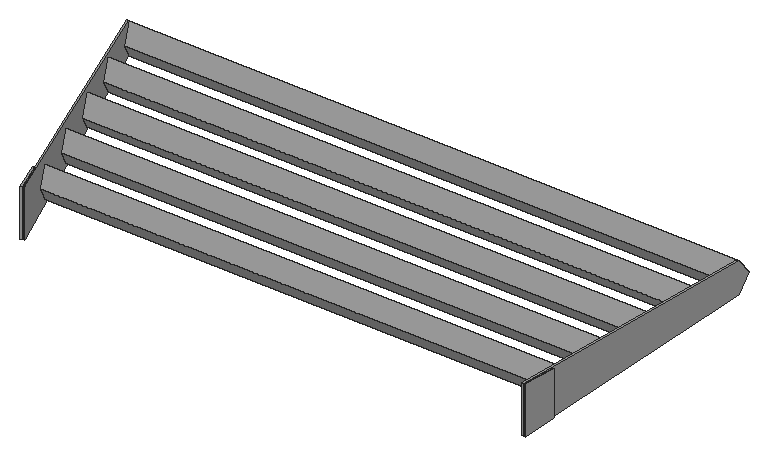
Revit family "SE-0002-DIA-3-0", category Curtain Panels, Revit 2015
Parameters (values of type "Right 112.5 - Left 90")
  Width [instance] = 5' - 4 1/2"
  Warning 2' = Label : Label
  URL = "obe.com"
  Sun-Control Material = Aluminum
  Model = "SE-001"
  Manufacturer = "Oldcastle BuildingEnvelope®"
  Keynote = "08 11 00"
  Description = "SE-001-SolarEclipse-Rectangle"
  Assembly Code = "B2020"
  Angle = SE-0002-DIA-3-0 : Right 112.5 - Left 90
  Analytic Construction = "<None>"
Types (25): name | Angle
  Right 90 - Left 112.5 | SE-0002-DIA-3-0 : Right 90 - Left 112.5
  Right 90 - Left 135 | SE-0002-DIA-3-0 : Right 90 - Left 135
  Right 112.5 - Left 90 | SE-0002-DIA-3-0 : Right 112.5 - Left 90
  Right 112.5 - Left 112.5 | SE-0002-DIA-3-0 : Right 112.5 - Left 112.5
  Right 112.5 - Left 135 | SE-0002-DIA-3-0 : Right 112.5 - Left 135
  Right 135 - Left 90 | SE-0002-DIA-3-0 : Right 135 - Left 90
  Right 135 - Left 112.5 | SE-0002-DIA-3-0 : Right 135 - Left 112.5
  Right 135 - Left 135 | SE-0002-DIA-3-0 : Right 135 - Left 135
  Right 45 - Left 45 | SE-0002-DIA-3-0 : Right 45 - Left 45
  Right 45 - Left 67.5 | SE-0002-DIA-3-0 : Right 45 - Left 67.5
  Right 45 - Left 90 | SE-0002-DIA-3-0 : Right 45 - Left 90
  Right 67.5 - Left 45 | SE-0002-DIA-3-0 : Right 67.5 - Left 45
  Right 67.5 - Left 67.5 | SE-0002-DIA-3-0 : Right 67.5 - Left 67.5
  Right 67.5 - Left 90 | SE-0002-DIA-3-0 : Right 67.5 - Left 90
  Right 90 - Left 45 | SE-0002-DIA-3-0 : Right 90 - Left 45
  Right 90 - Left 67.5 | SE-0002-DIA-3-0 : Right 90 - Left 67.5
  Right 45 - Left 112.5 | SE-0002-DIA-3-0 : Right 45 - Left 112.5
  Right 45 - Left 135 | SE-0002-DIA-3-0 : Right 45 - Left 135
  Right 67.5 - Left 112.5 | SE-0002-DIA-3-0 : Right 67.5 - Left 112.5
  Right 67.5 - Left 135 | SE-0002-DIA-3-0 : Right 67.5 - Left 135
  Right 112.5 - Left 45 | SE-0002-DIA-3-0 : Right 112.5 - Left 45
  Right 112.5 - Left 67.5 | SE-0002-DIA-3-0 : Right 112.5 - Left 67.5
  Right 135 - Left 45 | SE-0002-DIA-3-0 : Right 135 - Left 45
  Right 135 - Left 67.5 | SE-0002-DIA-3-0 : Right 135 - Left 67.5
  Right 90 - Left 90 | SE-0002-DIA-3-0 : Right 90 - Left 90
Reference planes (in)
  plane 1 "Front": y = 0
  plane 2: z = 0
  plane 3 "Center (Left/Right)": x = 0
  plane 4 "Left": x = -32.25
  plane 5 "Right": x = 32.25
  plane 6 "Top": z = 96
Text (in)
  text "Exterior" at (-54.29358, 31.38743, 0), in view "Ref. Level"
  text "Exterior" at (480, 41.53993, 89.60405), in view "Right"
  text "Exterior" at (-240, 57.82419, 105.78864), in view "Left"
Dimensions and locks (in)
  equal spacing: plane 4 "Left", plane 3 "Center (Left/Right)", plane 5 "Right"
  "Width": plane 4 "Left" to plane 5 "Right"
  aligned and locked: level to plane 2
  aligned and locked: plane 1 "Front" to nested 1
  aligned and locked: nested 1 to plane 3 "Center (Left/Right)"
  aligned and locked: nested 1 to plane 6 "Top"
Nested families (in)
  nested 1: "SE-0002-DIA-3-0" at (22, 0, 93), Width <- "Width", type <- "Angle", Sun-Control Material <- "Sun-Control Material", type "Right 112.5 - Left 90"
    with Width 5' - 4 1/2", Sun-Control Material Aluminum, Minimum Width 5' - 4 1/2"
Definition of nested family "SE-0002-DIA-3-0"
  Parameters (values of type "Right 112.5 - Left 112.5")
    Left Short Depth = Left Depth - 0' 2 31/32"  # 2' - 11 27/32"
    Left Angle = 112.50°
    Minimum Width [instance] = if(and(Left Angle = 45.00°, Right Angle = 90.00°, Width < 3' 2"), 3' 2", if(and(Left Angle = 90.00°, Right Angle = 45.00°, Width < 3' 2"), 3' 2", if(and(Left Angle = 45.00°, Right Angle = 112.50°, Width < 1' 11"), 1' 11", if(and(Left Angle = 112.50°, Right Angle = 45.00°, Width < 1' 11"), 1' 11", if(and(Left Angle = 45.00°, Right Angle = 45.00°, Width < 6' 2"), 6' 2", if(and(Left Angle = 90.00°, Right Angle = 67.50°, Width < 1' 5"), 1' 5", if(and(Left Angle = 67.50°, Right Angle = 90.00°, Width < 1' 5"), 1' 5", if(and(Left Angle = 67.50°, Right Angle = 67.50°, Width < 2' 8"), 2' 8", if(and(Left Angle = 45.00°, Right Angle = 67.50°, Width < 4' 5"), 4' 5", if(and(Left Angle = 67.50°, Right Angle = 45.00°, Width < 4' 5"), 4' 5", Width))))))))))  # 4' - 0"
    Width [instance] = 4' - 0"
    Sun-Control Material [instance] = none
    Right Short Depth = Right Depth - 0' 2 31/32"  # 2' - 11 27/32"
    Right Depth = 3' - 2 13/16"
    Left Depth = 3' - 2 13/16"
    Right Angle = 112.50°
    Default Elevation = 4' - 0"
  Types (26): name | Left Short Depth | Left Angle | Minimum Width | Width | Right Short Depth | Right Depth | Left Depth | Right Angle
    (no name) | 2' - 11 27/32" | 112.50° | 4' - 0" | 4' - 0" | 2' - 11 27/32" | 3' - 2 13/16" | 3' - 2 13/16" | 112.50°
    Right 45 - Left 45 | 4' - 0 17/256" | 45.00° | 8' - 0" | 8' - 0" | 4' - 0 17/256" | 4' - 3 9/256" | 4' - 3 9/256" | 45.00°
    Right 45 - Left 67.5 | 3' - 0 13/256" | 67.50° | 8' - 0" | 8' - 0" | 4' - 0 17/256" | 4' - 3 9/256" | 3' - 3 5/256" | 45.00°
    Right 45 - Left 90 | 2' - 9 1/32" | 90.00° | 8' - 0" | 8' - 0" | 4' - 0 17/256" | 4' - 3 9/256" | 3' - 0" | 45.00°
    Right 45 - Left 112.5 | 2' - 11 27/32" | 112.50° | 1' - 11" | 1' - 0" | 4' - 0 17/256" | 4' - 3 9/256" | 3' - 2 13/16" | 45.00°
    Right 45 - Left 135 | 3' - 11 145/256" | 135.00° | 8' - 0" | 8' - 0" | 4' - 0 17/256" | 4' - 3 9/256" | 4' - 2 137/256" | 45.00°
    Right 67.5 - Left 45 | 4' - 0 17/256" | 45.00° | 8' - 0" | 8' - 0" | 3' - 0 13/256" | 3' - 3 5/256" | 4' - 3 9/256" | 67.50°
    Right 67.5 - Left 67.5 | 3' - 0 13/256" | 67.50° | 8' - 0" | 8' - 0" | 3' - 0 13/256" | 3' - 3 5/256" | 3' - 3 5/256" | 67.50°
    Right 67.5 - Left 90 | 2' - 9 1/32" | 90.00° | 8' - 0" | 8' - 0" | 3' - 0 13/256" | 3' - 3 5/256" | 3' - 0" | 67.50°
    Right 67.5 - Left 112.5 | 2' - 11 27/32" | 112.50° | 8' - 0" | 8' - 0" | 3' - 0 13/256" | 3' - 3 5/256" | 3' - 2 13/16" | 67.50°
    Right 67.5 - Left 135 | 3' - 11 145/256" | 135.00° | 8' - 0" | 8' - 0" | 3' - 0 13/256" | 3' - 3 5/256" | 4' - 2 137/256" | 67.50°
    Right 90 - Left 45 | 4' - 0 17/256" | 45.00° | 8' - 0" | 8' - 0" | 2' - 9 1/32" | 3' - 0" | 4' - 3 9/256" | 90.00°
    Right 90 - Left 67.5 | 3' - 0 13/256" | 67.50° | 8' - 0" | 8' - 0" | 2' - 9 1/32" | 3' - 0" | 3' - 3 5/256" | 90.00°
    Right 90 - Left 90 | 2' - 9 1/32" | 90.00° | 8' - 0" | 8' - 0" | 2' - 9 1/32" | 3' - 0" | 3' - 0" | 90.00°
    Right 90 - Left 112.5 | 2' - 11 27/32" | 112.50° | 8' - 0" | 8' - 0" | 2' - 9 1/32" | 3' - 0" | 3' - 2 13/16" | 90.00°
    Right 90 - Left 135 | 3' - 11 145/256" | 135.00° | 8' - 0" | 8' - 0" | 2' - 9 1/32" | 3' - 0" | 4' - 2 137/256" | 90.00°
    Right 112.5 - Left 45 | 4' - 0 17/256" | 45.00° | 8' - 0" | 8' - 0" | 2' - 11 27/32" | 3' - 2 13/16" | 4' - 3 9/256" | 112.50°
    Right 112.5 - Left 67.5 | 3' - 0 13/256" | 67.50° | 8' - 0" | 8' - 0" | 2' - 11 27/32" | 3' - 2 13/16" | 3' - 3 5/256" | 112.50°
    Right 112.5 - Left 90 | 2' - 9 1/32" | 90.00° | 8' - 0" | 8' - 0" | 2' - 11 27/32" | 3' - 2 13/16" | 3' - 0" | 112.50°
    Right 112.5 - Left 112.5 | 2' - 11 27/32" | 112.50° | 4' - 0" | 4' - 0" | 2' - 11 27/32" | 3' - 2 13/16" | 3' - 2 13/16" | 112.50°
    Right 112.5 - Left 135 | 3' - 11 145/256" | 135.00° | 8' - 0" | 8' - 0" | 2' - 11 27/32" | 3' - 2 13/16" | 4' - 2 137/256" | 112.50°
    Right 135 - Left 45 | 4' - 0 17/256" | 45.00° | 8' - 0" | 8' - 0" | 3' - 11 145/256" | 4' - 2 137/256" | 4' - 3 9/256" | 135.00°
    Right 135 - Left 67.5 | 3' - 0 13/256" | 67.50° | 8' - 0" | 8' - 0" | 3' - 11 145/256" | 4' - 2 137/256" | 3' - 3 5/256" | 135.00°
    Right 135 - Left 90 | 2' - 9 1/32" | 90.00° | 8' - 0" | 8' - 0" | 3' - 11 145/256" | 4' - 2 137/256" | 3' - 0" | 135.00°
    Right 135 - Left 112.5 | 2' - 11 27/32" | 112.50° | 8' - 0" | 8' - 0" | 3' - 11 145/256" | 4' - 2 137/256" | 3' - 2 13/16" | 135.00°
    Right 135 - Left 135 | 3' - 11 145/256" | 135.00° | 8' - 0" | 8' - 0" | 3' - 11 145/256" | 4' - 2 137/256" | 4' - 2 137/256" | 135.00°
  Reference planes (in)
    plane 1 "Center (Front/Back)": y = 0
    plane 2: z = 0
    plane 3: y = 34.5
    plane 4: y = 36
    plane 5: y = 20.5
    plane 6: y = 6.5
    plane 7: z = 2.5
    plane 8: z = -2.5
    plane 9: x = 2
    plane 10: x = -46
    plane 11: y = 13.5
    plane 12: y = 27.5
    plane 13: z = 3
    plane 14: x = -22
  Forms (in)
    Sweep 1, solid, material <- "Sun-Control Material"
      path origin (0, 0, 0) x (1, 0, 0) y (0, 1, 0)
        loop
          line (-56.49138, 20.5) -> (12.49138, 20.5)
      profile origin (-22, 20.5, 0) x (0, 1, 0) y (0, 0, 1)
        loop
          line (1.49997, 0) -> (-0.00001, 1.99999) -> (-1.5, 0) -> (-0.00001, -1.99999) -> (1.49997, 0)
    Sweep 2, solid, material <- "Sun-Control Material"
      path origin (0, 0, 0) x (1, 0, 0) y (0, 1, 0)
        loop
          line (-50.69239, 6.5) -> (6.69239, 6.5)
      profile origin (-22, 6.5, 0) x (0, 1, 0) y (0, 0, 1)
        loop
          line (1.49997, 0) -> (-0.00001, 1.99999) -> (-1.5, 0) -> (-0.00001, -1.99999) -> (1.49997, 0)
    Extrusion 3, void
      sketch origin (-46, 0, 0) x (0.382683, -0.92388, 0) y (0, 0, 1)
        loop
          line (0.24272, 3.30555) -> (-79.2222, 3.30555) -> (-79.2222, -4.19445) -> (0.24272, -4.19445) -> (0.24272, 3.30555)
      from -0.375 to 40.64702
    Extrusion 4, void
      sketch origin (21.7082, 47.5798, 0) x (0.382683, 0.92388, 0) y (0, 0, 1)
        loop
          line (-53.5, 3.30555) -> (-53.5, -4.19445) -> (38.01531, -4.19445) -> (38.01531, 3.30555) -> (-53.5, 3.30555)
      from -0.375 to 37.309
    Sweep 5, solid, material <- "Sun-Control Material"
      path origin (0, -6, 0) x (1, 0, 0) y (0, 1, 0)
        loop
          line (-53.59188, 19.5) -> (9.59188, 19.5)
      profile origin (-22, 13.5, 0) x (0, 1, 0) y (0, 0, 1)
        loop
          line (1.49997, 0) -> (-0.00001, 1.99999) -> (-1.5, 0) -> (-0.00001, -1.99999) -> (1.49997, 0)
    Sweep 6, solid, material <- "Sun-Control Material"
      path origin (0, 4, 0) x (1, 0, 0) y (0, 1, 0)
        loop
          line (-59.39087, 23.5) -> (15.39087, 23.5)
      profile origin (-22, 27.5, 0) x (0, 1, 0) y (0, 0, 1)
        loop
          line (1.49997, 0) -> (-0.00001, 1.99999) -> (-1.5, 0) -> (-0.00001, -1.99999) -> (1.49997, 0)
    Sweep 7, solid, material <- "Sun-Control Material"
      path origin (0, 8, 0) x (1, 0, 0) y (0, 1, 0)
        loop
          line (-62.29037, 26.5) -> (18.29037, 26.5)
      profile origin (-22, 34.5, 0) x (0, 1, 0) y (0, 0, 1)
        loop
          line (1.5, 0) -> (0.00001, 1.99999) -> (-1.49997, 0) -> (0.00001, -1.99999) -> (1.5, 0)
  Cuts and joins
    Extrusion 3, Extrusion 4 cuts Sweep 2
    Extrusion 3, Extrusion 4 cuts Sweep 1
    Extrusion 3, Extrusion 4 cuts Sweep 5
    Extrusion 3, Extrusion 4 cuts Sweep 6
    Extrusion 3, Extrusion 4 cuts Sweep 7
  Lines and regions (in)
    model lines, not visible
      curve 1: line (-18.34586, 34.5, -38.4375) -> (-18.34586, 34.5, -38.5)
    reference lines
      curve 2: line (-46, 0, 0) -> (-65.7082, 47.5798, 0)
      curve 3: line (-62.54197, 35.10742, 0) -> (-48, 0, 0)
      curve 4: line (21.7082, 47.5798, 0) -> (2, 0, 0)
      curve 5: line (24.66491, 49.88949, 0) -> (4, 0, 0)
      curve 6: line (13.39087, 27.5, 0) -> (13.39087, 29, 0)
      curve 7: line (10.49138, 20.5, 0) -> (10.49138, 23, 0)
      curve 8: line (7.59188, 13.5, 0) -> (7.59188, 16.5, 0)
      curve 9: line (4.69239, 6.5, 0) -> (4.69239, 9, 0)
      curve 10: line (-48.69239, 6.5, 0) -> (-48.69239, 9, 0)
      curve 11: line (-51.59188, 13.5, 0) -> (-51.59188, 16, 0)
      curve 12: line (-54.49138, 20.5, 0) -> (-54.49138, 23.11361, 0)
      curve 13: line (-57.39087, 27.5, 0) -> (-57.39087, 33, 0)
      curve 14: line (16.29037, 34.5, 0) -> (16.29037, 35.5, 0)
      curve 15: line (-60.29037, 34.5, 0) -> (-60.29037, 35.5, 0)
  Dimensions and locks (in)
    equal spacing: plane 7, plane 2, plane 8
    plane 4 to plane 1 "Center (Front/Back)" = 3' - 0"
    "Minimum Width": plane 10 to plane 9
    locked: nested 1 to plane 1 "Center (Front/Back)" at 0
    locked: nested 1 to plane 10 at 0
    locked: curve 2 to plane 10
    locked: plane 1 "Center (Front/Back)" to curve 2 at 0
    locked: curve 3 to plane 10 at 2
    locked: plane 1 "Center (Front/Back)" to curve 3 at 0
    locked: nested 2 to plane 1 "Center (Front/Back)" at 0
    locked: nested 2 to plane 9 at 0
    locked: plane 1 "Center (Front/Back)" to curve 4 at 0
    locked: plane 1 "Center (Front/Back)" to curve 5
    locked: plane 9 to curve 5 at 2
    locked: curve 4 to plane 9
    plane 3 to plane 12 = 0' - 7"  (x2)
    plane 5 to plane 11 = 0' - 7"  (x2)
    plane 11 to plane 6 = 0' - 7"  (x2)
    plane 12 to plane 5 = 0' - 7"  (x2)
    equal spacing: plane 10, plane 14, plane 9
    "Right Angle": angle plane 1 "Center (Front/Back)" to nested 1
    "Right Angle": angle plane 1 "Center (Front/Back)" to curve 2
    "Right Angle": angle plane 1 "Center (Front/Back)" to curve 3
    "Left Angle": angle curve 5 to plane 1 "Center (Front/Back)"
    "Left Angle": angle nested 2 to plane 1 "Center (Front/Back)"
    "Left Angle": angle curve 4 to plane 1 "Center (Front/Back)"
    aligned and locked: level to plane 2
    aligned and locked: Sweep 1 sketch curve to plane 5
    aligned and locked: Sweep 2 sketch curve to plane 6
    aligned and locked: curve 3 to Sweep 2 sketch curve
    aligned and locked: curve 3 to Sweep 1 sketch curve
    aligned and locked: curve 5 to Sweep 1 sketch curve
    aligned and locked: curve 5 to Sweep 5 sketch curve
    aligned and locked: curve 3 to Sweep 5 sketch curve
    aligned and locked: curve 5 to Sweep 2 sketch curve
    aligned and locked: Sweep 6 sketch curve to plane 12
    aligned and locked: curve 3 to Sweep 6 sketch curve
    aligned and locked: curve 5 to Sweep 6 sketch curve
    aligned and locked: curve 5 to Sweep 7 sketch curve
    aligned and locked: curve 3 to Sweep 7 sketch curve
    aligned and locked: nested 3 to curve 14
    aligned and locked: nested 3 to curve 15
    aligned and locked: nested 4 to curve 13
    aligned and locked: nested 4 to curve 6
    aligned and locked: nested 5 to curve 12
    aligned and locked: nested 5 to curve 7
    aligned and locked: nested 6 to curve 11
    aligned and locked: nested 6 to curve 8
    aligned and locked: nested 7 to curve 10
    aligned and locked: nested 7 to curve 9
    aligned and locked: plane 2 to nested 3
    aligned and locked: plane 2 to nested 4
    aligned and locked: plane 2 to nested 5
    aligned and locked: plane 2 to nested 6
    aligned and locked: plane 2 to nested 7
    aligned and locked: nested 7 to plane 6
    aligned and locked: nested 6 to plane 11
    aligned and locked: nested 5 to plane 5
    aligned and locked: nested 4 to plane 12
    aligned and locked: nested 3 to plane 3
    aligned and locked: Sweep 5 sketch curve to plane 11
    aligned and locked: Sweep 7 sketch curve to plane 3
  Automatic sketch dimensions
    curve 1 to plane 3 = 0' - 0"
    curve 1 to plane 8 = 3' - 0"
    curve 1 to curve 1 = 0' - 0 1/16"
    curve 2 to Extrusion 3 sketch curve = 0' - 3.30555"
    Extrusion 3 sketch curve to curve 2 = 2' - 3.7222"
    curve 2 to Extrusion 3 sketch curve = 0' - 0.24272"
    Extrusion 3 sketch curve to curve 2 = 0' - 4.19445"
    Extrusion 4 sketch curve to curve 4 = 0' - 2"
    Extrusion 4 sketch curve to curve 4 = 0' - 4.19445"
    curve 4 to Extrusion 4 sketch curve = 3' - 2.01531"
    curve 4 to Extrusion 4 sketch curve = 0' - 3.30555"
    Sweep 7 sketch curve to level = 0' - 0"  (x2)
    profile plane to Sweep 7 sketch curve = 0' - 1.49997"
    Sweep 7 sketch curve to profile plane = 0' - 0"  (x2)
    level to Sweep 7 sketch curve = 0' - 2"
    Sweep 7 sketch curve to profile plane = 0' - 1 1/2"
    Sweep 7 sketch curve to level = 0' - 2"
    Sweep 6 sketch curve to level = 0' - 0"  (x2)
    profile plane to Sweep 6 sketch curve = 0' - 1 1/2"
    profile plane to Sweep 6 sketch curve = 0' - 0"  (x2)
    Sweep 6 sketch curve to profile plane = 0' - 1.49997"
    Sweep 6 sketch curve to level = 0' - 2"
    level to Sweep 6 sketch curve = 0' - 2"
    Sweep 1 sketch curve to level = 0' - 0"  (x2)
    profile plane to Sweep 1 sketch curve = 0' - 1 1/2"
    profile plane to Sweep 1 sketch curve = 0' - 0"  (x2)
    Sweep 1 sketch curve to profile plane = 0' - 1.49997"
    Sweep 1 sketch curve to level = 0' - 2"
    level to Sweep 1 sketch curve = 0' - 2"
    Sweep 5 sketch curve to level = 0' - 0"  (x2)
    profile plane to Sweep 5 sketch curve = 0' - 1 1/2"
    profile plane to Sweep 5 sketch curve = 0' - 0"  (x2)
    Sweep 5 sketch curve to profile plane = 0' - 1.49997"
    Sweep 5 sketch curve to level = 0' - 2"
    level to Sweep 5 sketch curve = 0' - 2"
    Sweep 2 sketch curve to level = 0' - 0"  (x2)
    profile plane to Sweep 2 sketch curve = 0' - 1 1/2"
    profile plane to Sweep 2 sketch curve = 0' - 0"  (x2)
    Sweep 2 sketch curve to profile plane = 0' - 1.49997"
    Sweep 2 sketch curve to level = 0' - 2"
    level to Sweep 2 sketch curve = 0' - 2"
    curve 15 to plane 3 = 0' - 0"
    curve 13 to plane 12 = 0' - 0"
    curve 12 to plane 5 = 0' - 0"
    curve 11 to plane 11 = 0' - 0"
    curve 10 to plane 6 = 0' - 0"
    curve 9 to plane 6 = 0' - 0"
    curve 8 to plane 11 = 0' - 0"
    curve 7 to plane 5 = 0' - 0"
    curve 6 to plane 12 = 0' - 0"
    curve 14 to plane 3 = 0' - 0"
    plane 6 to curve 10 = 0' - 2 1/2"
    plane 6 to curve 9 = 0' - 2 1/2"
    plane 11 to curve 11 = 0' - 2 1/2"
    plane 11 to curve 8 = 0' - 3"
    plane 5 to curve 7 = 0' - 2 1/2"
    plane 5 to curve 12 = 0' - 2.61361"
    plane 12 to curve 6 = 0' - 1 1/2"
    curve 13 to plane 3 = 0' - 1 1/2"
    curve 14 to plane 4 = 0' - 0 1/2"
    curve 15 to plane 4 = 0' - 0 1/2"
  Nested families (in)
    nested 1: "Plate_right" at (-46, 0, 0) x (0.9239, 0.3827, 0) z (0, 0, 1), Length <- "Right Depth", type "Plate_right"
      with Length 3' - 2 13/16"
    nested 2: "Plate_left" at (2, 0, 0) x (-0.9239, 0.3827, 0) z (0, 0, 1), Length <- "Left Depth", type "Plate_left"
      with Length 3' - 2 13/16"
    nested 3: "SS-100-3D" at (-60.29037, 34.5, 0), type "SS-100-3D", detail levels fine
      with Lenght 6' - 4.58074"
    nested 4: "SS-100-3D" at (-57.39087, 27.5, 0), type "SS-100-3D", detail levels fine
      with Lenght 5' - 10.78175"
    nested 5: "SS-100-3D" at (-54.49138, 20.5, 0), type "SS-100-3D", detail levels fine
      with Lenght 5' - 4.98276"
    nested 6: "SS-100-3D" at (-51.59188, 13.5, 0), type "SS-100-3D", detail levels fine
      with Lenght 4' - 11.18377"
    nested 7: "SS-100-3D" at (-48.69239, 6.5, 0), type "SS-100-3D", detail levels fine
      with Lenght 4' - 5.38478"
  Definition of nested family "Plate_right"
    Parameters (values of type "Plate_right")
      Sun-Control Material = none
      Length [instance] = 2' - 0"
    Reference planes (in)
      plane 1 "Center (Front/Back)": y = 0
      plane 2: z = 0
      plane 3 "Center (Left/Right)": x = 0
    Forms (in)
      Sweep 1, solid, material <- "Sun-Control Material"
        path origin (24.49846, 19.13417, 0) x (-1, 0, 0) y (0, 1, 0)
          loop
            line (24.37346, -19.13417) -> (24.62346, -19.13417)
        profile origin (0, 0, 0) x (0, -1, 0) y (0, 0, 1)
          loop
            line (0, 3) -> (-4.5, 2.8) -> (-4.5, -2.8) -> (0, -3) -> (0, 0) -> (0, 3)
      Sweep 2, solid, material <- "Sun-Control Material"
        path origin (13.88949, 16.0727, 0) x (0.92388, -0.382683, 0) y (0.382683, 0.92388, 0)
          loop
            line (-6.33501, -20.02102) -> (-6.56598, -20.11669)
        profile origin (0.25, 0, 0) x (0, -1, 0) y (0, 0, 1)
          loop
            line (0, 3) -> (-22.50001, 1.99999) -> (-24, 0) -> (-22.50001, -1.99999) -> (0, -3) -> (0, 3)
    Lines and regions (in)
      model lines, not visible
        curve 1: line (0, 0, 0) -> (0, 1.75, 0)
    Dimensions and locks (in)
      locked: Sweep 2 to Sweep 2 at 0.25
      locked: Sweep 2 sketch curve to Sweep 2 sketch curve at 2.49998  (x2)
      "Length": Sweep 2 sketch curve to plane 1 "Center (Front/Back)"
      locked: Sweep 2 sketch curve to Sweep 2 sketch curve at 3.99998
      aligned and locked: plane 2 to level
      aligned and locked: Sweep 2 to Sweep 1
    Automatic sketch dimensions
      curve 1 to plane 3 "Center (Left/Right)" = 0' - 0"
      plane 1 "Center (Front/Back)" to curve 1 = 0' - 0"
      curve 1 to curve 1 = 0' - 1 3/4"
      plane 1 "Center (Front/Back)" to Sweep 1 sketch curve = 0' - 0"
      Sweep 1 sketch curve to plane 3 "Center (Left/Right)" = 0' - 0 1/8"
      plane 3 "Center (Left/Right)" to Sweep 1 sketch curve = 0' - 0 1/8"
      Sweep 1 sketch curve to profile plane = 0' - 0"  (x2)
      profile plane to Sweep 1 sketch curve = 0' - 4 1/2"
      Sweep 1 sketch curve to profile plane = 0' - 2.8"
      Sweep 1 sketch curve to profile plane = 0' - 3"
      profile plane to Sweep 1 sketch curve = 0' - 2.8"
      profile plane to Sweep 1 sketch curve = 0' - 3"
      plane 1 "Center (Front/Back)" to Sweep 2 sketch curve = 0' - 0"  (x2)
      plane 3 "Center (Left/Right)" to Sweep 2 sketch curve = 0' - 0 1/8"
      Sweep 2 sketch curve to Sweep 2 sketch curve = 0' - 0.23097"
      Sweep 2 sketch curve to profile plane = 0' - 0"  (x2)
      profile plane to Sweep 2 sketch curve = 0' - 2"
      Sweep 2 sketch curve to profile plane = 0' - 3"
      profile plane to Sweep 2 sketch curve = 0' - 3"
  Definition of nested family "Plate_left"
    Parameters (values of type "Plate_left")
      Sun-Control Material = none
      Length [instance] = 2' - 2 31/32"
    Reference planes (in)
      plane 1 "Center (Front/Back)": y = 0
      plane 2: z = 0
      plane 3 "Center (Left/Right)": x = 0
    Forms (in)
      Sweep 1, solid, material <- "Sun-Control Material"
        path origin (24.49846, 19.13417, 0) x (-1, 0, 0) y (0, 1, 0)
          loop
            line (24.37346, -19.13417) -> (24.62346, -19.13417)
        profile origin (0, 0, 0) x (0, -1, 0) y (0, 0, 1)
          loop
            line (0, 3) -> (-4.5, 2.8) -> (-4.5, -2.8) -> (0, -3) -> (0, 0) -> (0, 3)
      Sweep 2, solid, material <- "Sun-Control Material"
        path origin (13.88949, 16.0727, 0) x (0.92388, -0.382683, 0) y (0.382683, 0.92388, 0)
          loop
            line (-6.33501, -20.02102) -> (-6.56598, -20.11669)
        profile origin (0.25, 0, 0) x (0, -1, 0) y (0, 0, 1)
          loop
            line (0, 3) -> (-25.46876, 1.99999) -> (-26.96875, 0) -> (-25.46876, -1.99999) -> (0, -3) -> (0, 3)
    Lines and regions (in)
      model lines, not visible
        curve 1: line (0, 0, 0) -> (0, 3, 0)
    Dimensions and locks (in)
      locked: Sweep 2 to Sweep 2 at 0.25
      locked: Sweep 2 sketch curve to Sweep 2 sketch curve at 2.49998  (x2)
      locked: Sweep 2 sketch curve to Sweep 2 sketch curve at 3.99998
      "Length": Sweep 2 sketch curve to Sweep 1
      aligned and locked: plane 2 to level
      aligned and locked: Sweep 2 to Sweep 1
    Automatic sketch dimensions
      curve 1 to plane 3 "Center (Left/Right)" = 0' - 0"
      plane 1 "Center (Front/Back)" to curve 1 = 0' - 0"
      curve 1 to curve 1 = 0' - 3"
      plane 1 "Center (Front/Back)" to Sweep 1 sketch curve = 0' - 0"
      Sweep 1 sketch curve to plane 3 "Center (Left/Right)" = 0' - 0 1/8"
      plane 3 "Center (Left/Right)" to Sweep 1 sketch curve = 0' - 0 1/8"
      plane 1 "Center (Front/Back)" to Sweep 2 sketch curve = 0' - 0"  (x2)
      plane 3 "Center (Left/Right)" to Sweep 2 sketch curve = 0' - 0 1/8"
      Sweep 2 sketch curve to Sweep 2 sketch curve = 0' - 0.23097"
      Sweep 1 sketch curve to profile plane = 0' - 0"  (x2)
      profile plane to Sweep 1 sketch curve = 0' - 4 1/2"
      Sweep 1 sketch curve to profile plane = 0' - 2.8"
      Sweep 1 sketch curve to profile plane = 0' - 3"
      profile plane to Sweep 1 sketch curve = 0' - 2.8"
      profile plane to Sweep 1 sketch curve = 0' - 3"
      Sweep 2 sketch curve to profile plane = 0' - 0"  (x2)
      Sweep 2 sketch curve to profile plane = 0' - 2"
      Sweep 2 sketch curve to profile plane = 0' - 3"
      profile plane to Sweep 2 sketch curve = 0' - 3"
  Definition of nested family "SS-100-3D"
    Parameters (values of type "SS-100-3D")
      Lenght [instance] = 1' - 10.56386"
    Reference planes (in)
      plane 1 "Center (Front/Back)": y = 0
      plane 2: z = 0
      plane 3 "Center (Left/Right)": x = 0
      plane 4: x = 22.56386
    Lines and regions (in)
      model lines, not visible
        curve 1: line (0, 0, 0) -> (22.56386, 0, 0)
    Dimensions and locks (in)
      "Lenght": plane 3 "Center (Left/Right)" to plane 4
      aligned and locked: plane 2 to level
      aligned and locked: plane 4 to curve 1
      aligned and locked: plane 1 "Center (Front/Back)" to curve 1
      aligned and locked: plane 3 "Center (Left/Right)" to curve 1
      aligned and locked: plane 2 to nested 1
      aligned and locked: plane 1 "Center (Front/Back)" to nested 1
    Nested families (in)
      nested 1: "SS-100-2D" at (0, 0, 0) x (0, -1, 0) z (1, 0, 0), type "SS-100-2D", detail levels fine
    Definition of nested family "SS-100-2D"
      Reference planes (in)
        plane 1 "Center (Front/Back)": y = 0
        plane 2: z = 0
        plane 3 "Center (Left/Right)": x = 0
